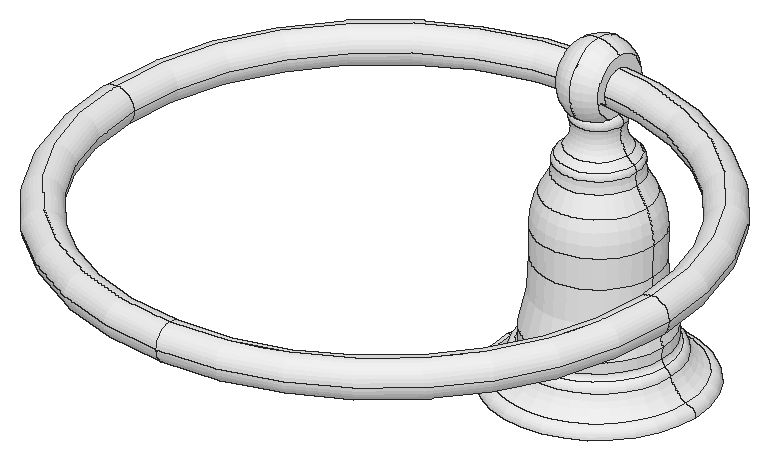
Revit family "Bathroom_Accessory-Towel_Ring-Kohler-Kelston-13507", category Specialty Equipment, host Face, Revit 2020
Family settings
  Host = Face
  Round Connector Dimension = Use Diameter
  Part Type = Normal
  OmniClass Number = 23.40.20.21.27
  OmniClass Title = Towel Bars
  Cut with Voids When Loaded = No
  Shared = No
  Room Calculation Point = No
Parameters (values of type "Chrome-Polished_Chrome-CP")
  Width = 0' - 7.18672"
  URL = "http://www.us.kohler.com"
  Product data url = "https://bimobject.com/kohler/product/kohler-k-13507"
  Product Page URL = "http://www.us.kohler.com/onlinecatalog/detail.jsp?prod_num=13507"
  Product Documentation Link = "http://www.us.kohler.com/onlinecatalog/pdf/1116341_4.pdf"
  Model = "K-13507"  # constant formula
  Manufacturer = "Kohler"  # constant formula
  Length = 0' - 3 7/8"
  Height = 0' - 8.18783"
  Finish = Chrome-Kohler-CP-Polished_Chrome
  Description = "Kelston(TM) towel ring"  # constant formula
  Default Elevation = 0' - 0"
  Created By = "http://medialab3dstudio.com/"
  Assembly Code = "C1030200"
Reference planes (in)
  plane 1 "Center (Front/Back)": y = 0
  plane 2 "Back": z = 0
  plane 3 "Center (Left/Right)": x = 0
  plane 4: y = -3.37514
  plane 5 "Top": y = 1.21847
  plane 6 "Bottom": y = -6.96936
  plane 7 "Right": x = 3.59336
  plane 8 "Left": x = -3.59336
  plane 9: z = 3.875
  plane 10: x = -3.37473
  plane 11: x = 3.3742
  plane 12: z = 3.61845
  plane 13: z = 3.18183
  plane 14: x = 0.27019
  plane 15: x = -0.27262
  plane 16: z = 3.09651
  plane 17: z = 0.1245
  plane 18: z = 0.34815
  plane 19: z = 0.44202
  plane 20: z = 0.64088
  plane 21: z = 1.40042
  plane 22: z = 2.13881
  plane 23: z = 2.35256
  plane 24: z = 2.57103
  plane 25: z = 2.65446
  plane 26: z = 3.61858
  plane 27: z = 3.17837
  plane 28: z = 3.09651
  plane 29: z = 0.1245
  plane 30: z = 0.34815
  plane 31: z = 0.44202
  plane 32: z = 0.64088
  plane 33: z = 1.40042
  plane 34: z = 2.13881
  plane 35: z = 2.35256
  plane 36: z = 2.57103
  plane 37: z = 2.65446
  plane 38: z = 2.97591
Forms (in)
  Sweep 1, solid, material "Chrome-Kohler-CP-Polished_Chrome" <- "Finish"
    path origin (0, -3.37514, 0) x (1, 0, 0) y (0, 1, 0)
      loop
        arc (-3.59311, 0) -> (-2.54071, -2.54071) -> (0, -3.59311) r 3.59311
        arc (0, -3.59311) -> (2.54071, -2.54071) -> (3.59311, 0) r 3.59311
        arc (3.59311, 0) -> (2.54071, 2.54071) -> (0, 3.59311) r 3.59311
        arc (0, 3.59311) -> (-2.54071, 2.54071) -> (-3.59311, 0) r 3.59311
    profile origin (-2.54071, -0.83443, 0) x (-0.707107, 0.707107, 0) y (0, 0, 1)
      loop
        arc (-0.4375, 3.39995) -> (-0.37343, 3.24527) -> (-0.21875, 3.1812) r 0.21875
        arc (-0.21875, 3.1812) -> (-0.06407, 3.24527) -> (0, 3.39995) r 0.21875
        arc (0, 3.39995) -> (-0.06407, 3.55463) -> (-0.21875, 3.6187) r 0.21875
        arc (-0.21875, 3.6187) -> (-0.37343, 3.55463) -> (-0.4375, 3.39995) r 0.21875
Lines and regions (in)
  Masking region 1, detail levels coarse
    outline origin (0, 0, 0) x (1, 0, 0) y (0, 1, 0)
      loop
        line (-3.59336, 1.21847) -> (-3.59336, -6.96936) -> (3.59336, -6.96936) -> (3.59336, 1.21847) -> (-3.59336, 1.21847)
  Masking region 2, detail levels medium+fine
    outline origin (0, 0, 0) x (1, 0, 0) y (0, 1, 0)
      loop
        arc (-1.21847, 0) -> (-3.53754, -3.99664) -> (0, -6.96936) r 3.59119
        arc (0, -6.96936) -> (3.53754, -3.99664) -> (1.21847, 0) r 3.59119
        arc (1.21847, 0) -> (0, 1.21847) -> (-1.21847, 0) r 1.21847
      loop
        arc (-1.13913, -0.43251) -> (-3.10212, -3.95492) -> (0, -6.53127) r 3.15576
        arc (0, -6.53127) -> (3.10212, -3.95492) -> (1.13913, -0.43251) r 3.15576
        arc (1.13913, -0.43251) -> (0, -1.21847) -> (-1.13913, -0.43251) r 1.21847
  Masking region 3, detail levels coarse
    outline origin (0, 0, 0) x (1, 0, 0) y (0, 0, 1)
      loop
        line (-3.59336, 3.875) -> (-3.59336, 0) -> (3.59336, 0) -> (3.59336, 3.875) -> (-3.59336, 3.875)
  Masking region 4, detail levels medium+fine
    outline origin (0, 0, 0) x (1, 0, 0) y (0, 0, 1)
      loop
        line (-1.21847, 0) -> (1.21847, 0)
        arc (1.21847, 0) -> (1.1842, 0.08442) -> (1.10238, 0.1245) r 0.12769
        arc (1.10238, 0.1245) -> (0.98177, 0.21839) -> (0.901, 0.34815) r 0.4358
        arc (0.901, 0.34815) -> (0.87901, 0.40388) -> (0.8328, 0.44202) r 0.11991
        arc (0.8328, 0.44202) -> (0.80886, 0.47615) -> (0.8009, 0.51707) r 0.10007
        line (0.8009, 0.51707) -> (0.8031, 0.64088)
        arc (0.8031, 0.64088) -> (0.7072, 1.01491) -> (0.68536, 1.40042) r 1.98943
        line (0.68536, 1.40042) -> (0.69, 1.75014)
        arc (0.69, 1.75014) -> (0.66874, 1.94982) -> (0.60087, 2.13881) r 0.84336
        line (0.60087, 2.13881) -> (0.4798, 2.35256)
        arc (0.4798, 2.35256) -> (0.46843, 2.42376) -> (0.46978, 2.49585) r 0.40715
        arc (0.46978, 2.49585) -> (0.4643, 2.53703) -> (0.44044, 2.57103) r 0.08744
        line (0.44044, 2.57103) -> (0.35943, 2.65446)
        arc (0.35943, 2.65446) -> (0.28425, 2.80679) -> (0.30012, 2.97591) r 0.31166
        arc (0.30012, 2.97591) -> (0.29622, 3.05011) -> (0.23818, 3.09651) r 0.09071
        line (0.23818, 3.09651) -> (0.27019, 3.09651) -> (0.27019, 3.18183) -> (3.3742, 3.18183)
        arc (3.3742, 3.18183) -> (3.5925, 3.40014) -> (3.3742, 3.61845) r 0.21831
        line (3.3742, 3.61845) -> (0.27019, 3.61845) -> (0.27019, 3.73555)
        arc (0.27019, 3.73555) -> (-0.00187, 3.85963) -> (-0.27262, 3.73269) r 0.35621
        line (-0.27262, 3.73269) -> (-0.27262, 3.61845) -> (-3.37473, 3.61845)
        arc (-3.37473, 3.61845) -> (-3.59304, 3.40014) -> (-3.37473, 3.18183) r 0.21831
        line (-3.37473, 3.18183) -> (-0.27262, 3.18183) -> (-0.27262, 3.09651) -> (-0.23818, 3.09651)
        arc (-0.23818, 3.09651) -> (-0.29622, 3.05011) -> (-0.30012, 2.97591) r 0.09071
        arc (-0.30012, 2.97591) -> (-0.28425, 2.80679) -> (-0.35943, 2.65446) r 0.31166
        line (-0.35943, 2.65446) -> (-0.44044, 2.57103)
        arc (-0.44044, 2.57103) -> (-0.4643, 2.53703) -> (-0.46978, 2.49585) r 0.08744
        arc (-0.46978, 2.49585) -> (-0.46843, 2.42376) -> (-0.4798, 2.35256) r 0.40715
        line (-0.4798, 2.35256) -> (-0.60087, 2.13881)
        arc (-0.60087, 2.13881) -> (-0.66874, 1.94982) -> (-0.69, 1.75014) r 0.84336
        line (-0.69, 1.75014) -> (-0.68536, 1.40042)
        arc (-0.68536, 1.40042) -> (-0.7072, 1.01491) -> (-0.8031, 0.64088) r 1.98943
        line (-0.8031, 0.64088) -> (-0.8009, 0.51707)
        arc (-0.8009, 0.51707) -> (-0.80886, 0.47615) -> (-0.8328, 0.44202) r 0.10007
        arc (-0.8328, 0.44202) -> (-0.87901, 0.40388) -> (-0.901, 0.34815) r 0.11991
        arc (-0.901, 0.34815) -> (-0.98177, 0.21839) -> (-1.10238, 0.1245) r 0.4358
        arc (-1.10238, 0.1245) -> (-1.1842, 0.08442) -> (-1.21847, 0) r 0.12769
  Masking region 5, detail levels coarse
    outline origin (0, 0, 0) x (0, 1, 0) y (0, 0, 1)
      loop
        line (1.21847, 3.875) -> (-6.96936, 3.875) -> (-6.96936, 0) -> (1.21847, 0) -> (1.21847, 3.875)
  Masking region 6, detail levels medium+fine
    outline origin (0, 0, 0) x (0, 1, 0) y (0, 0, 1)
      loop
        arc (1.21847, 0) -> (1.1842, 0.08442) -> (1.10238, 0.1245) r 0.12769
        arc (1.10238, 0.1245) -> (0.98177, 0.21839) -> (0.901, 0.34815) r 0.4358
        arc (0.901, 0.34815) -> (0.87901, 0.40388) -> (0.8328, 0.44202) r 0.11991
        arc (0.8328, 0.44202) -> (0.80886, 0.47615) -> (0.8009, 0.51707) r 0.10007
        line (0.8009, 0.51707) -> (0.8031, 0.64088)
        arc (0.8031, 0.64088) -> (0.7072, 1.01491) -> (0.68536, 1.40042) r 1.98943
        line (0.68536, 1.40042) -> (0.69, 1.75014)
        arc (0.69, 1.75014) -> (0.66874, 1.94982) -> (0.60087, 2.13881) r 0.84336
        line (0.60087, 2.13881) -> (0.4798, 2.35256)
        arc (0.4798, 2.35256) -> (0.46843, 2.42376) -> (0.46978, 2.49585) r 0.40715
        arc (0.46978, 2.49585) -> (0.4643, 2.53703) -> (0.44044, 2.57103) r 0.08744
        line (0.44044, 2.57103) -> (0.35943, 2.65446)
        arc (0.35943, 2.65446) -> (0.28425, 2.80679) -> (0.30012, 2.97591) r 0.31166
        arc (0.30012, 2.97591) -> (0.29622, 3.05011) -> (0.23818, 3.09651) r 0.09071
        line (0.23818, 3.09651) -> (0.34531, 3.09651)
        arc (0.34531, 3.09651) -> (0.41881, 3.58945) -> (0, 3.85963) r 0.45969
        arc (0, 3.85963) -> (-0.23538, 3.7948) -> (-0.40437, 3.61858) r 0.45969
        line (-0.40437, 3.61858) -> (-6.74926, 3.61858)
        arc (-6.74926, 3.61858) -> (-6.90489, 3.55411) -> (-6.96936, 3.39847) r 0.2201
        arc (-6.96936, 3.39847) -> (-6.90489, 3.24284) -> (-6.74926, 3.17837) r 0.2201
        line (-6.74926, 3.17837) -> (-0.40276, 3.17837)
        arc (-0.40276, 3.17837) -> (-0.37627, 3.13587) -> (-0.34531, 3.09651) r 0.45969
        line (-0.34531, 3.09651) -> (-0.23818, 3.09651)
        arc (-0.23818, 3.09651) -> (-0.29622, 3.05011) -> (-0.30012, 2.97591) r 0.09071
        arc (-0.30012, 2.97591) -> (-0.28425, 2.80679) -> (-0.35943, 2.65446) r 0.31166
        line (-0.35943, 2.65446) -> (-0.44044, 2.57103)
        arc (-0.44044, 2.57103) -> (-0.4643, 2.53703) -> (-0.46978, 2.49585) r 0.08744
        arc (-0.46978, 2.49585) -> (-0.46843, 2.42376) -> (-0.4798, 2.35256) r 0.40715
        line (-0.4798, 2.35256) -> (-0.60087, 2.13881)
        arc (-0.60087, 2.13881) -> (-0.66874, 1.94982) -> (-0.69, 1.75014) r 0.84336
        line (-0.69, 1.75014) -> (-0.68536, 1.40042)
        arc (-0.68536, 1.40042) -> (-0.7072, 1.01491) -> (-0.8031, 0.64088) r 1.98943
        line (-0.8031, 0.64088) -> (-0.8009, 0.51707)
        arc (-0.8009, 0.51707) -> (-0.80886, 0.47615) -> (-0.8328, 0.44202) r 0.10007
        arc (-0.8328, 0.44202) -> (-0.87901, 0.40388) -> (-0.901, 0.34815) r 0.11991
        arc (-0.901, 0.34815) -> (-0.98177, 0.21839) -> (-1.10238, 0.1245) r 0.4358
        arc (-1.10238, 0.1245) -> (-1.1842, 0.08442) -> (-1.21847, 0) r 0.12769
        line (-1.21847, 0) -> (1.21847, 0)
  symbolic lines, detail levels fine
    curve 1: arc (-1.1016, 0.04132, 0) -> (-0.0003, 1.10238, 0) -> (1.10158, 0.04191, 0) r 1.10238
    curve 2: arc (1.03017, -0.3924, 0) -> (-0.00015, -1.10238, 0) -> (-1.03028, -0.39212, 0) r 1.10238
    curve 3: arc (0.62481, -0.28167, 0) -> (-0.00038, -0.68536, 0) -> (-0.62512, -0.28097, 0) r 0.68536
    curve 4: arc (-0.66749, 0.15552, 0) -> (-0.00055, 0.68536, 0) -> (0.66724, 0.15658, 0) r 0.68536
    curve 5: arc (-0.4798, 0, 0) -> (0, 0.4798, 0) -> (0.4798, 0, 0) r 0.4798
    curve 6: arc (0.4798, 0, 0) -> (0, -0.4798, 0) -> (-0.4798, 0, 0) r 0.4798
    curve 7: arc (-1.1016, 0.04132, 0) -> (-0.77434, 0.13294, 0) -> (-0.43967, 0.19209, 0) r 3.46808
    curve 8: arc (-1.03028, -0.39212, 0) -> (-0.72499, -0.30287, 0) -> (-0.41209, -0.24575, 0) r 3.06301
    curve 9: arc (1.03017, -0.3924, 0) -> (0.7247, -0.30355, 0) -> (0.41176, -0.2463, 0) r 3.11638
    curve 10: arc (1.21847, 0, 0) -> (0.83482, 0.11974, 0) -> (0.43954, 0.19239, 0) r 3.32977
    curve 11: line (0.23818, 0, 3.09651) -> (-0.23818, 0, 3.09651)
    curve 12: line (0.27019, 1.21847, 3.63381) -> (0.27019, 1.21847, 3.1972)
    curve 13: line (-0.27262, 1.21847, 3.63381) -> (-0.27262, 1.21847, 3.1972)
    curve 14: line (0, 0.23818, 3.09651) -> (0, -0.23818, 3.09651)
    curve 15: line (0, -0.40437, 3.63394) -> (0, 0, 3.63394)
    curve 16: line (0, -0.4057, 3.17837) -> (0, 0, 3.17837)
    curve 17: arc (0, 0, 3.17837) -> (0, 0.22778, 3.40616) -> (0, 0, 3.63394) r 0.22778
    curve 18: line (-0.27262, -6.96936, 3.63381) -> (0.27019, -6.96936, 3.63381)
    curve 19: line (-0.27262, -6.96936, 3.1972) -> (0.27019, -6.96936, 3.1972)
Dimensions and locks (in)
  locked: plane 1 "Center (Front/Back)" to plane 4 at 3.37514
  equal spacing: plane 8 "Left", plane 3 "Center (Left/Right)", plane 7 "Right"
  "Width": plane 8 "Left" to plane 7 "Right"
  "Height": plane 6 "Bottom" to plane 5 "Top"
  "Length": plane 9 to plane 2 "Back"
  plane 10 to plane 15 to plane 3 "Center (Left/Right)" to plane 14 to plane 11 = 0' - 3.10212" locked, 0' - 0.27262" locked, 0' - 0.27019" locked, 0' - 3.104" locked
  plane 12 to plane 13 to plane 16 to plane 25 to plane 24 to plane 23 to plane 22 to plane 21 to plane 20 to plane 19 to plane 18 to plane 17 to plane 2 "Back" = 0' - 0.43661" locked, 0' - 0.08533" locked, 0' - 0.44204" locked, 0' - 0.08344" locked, 0' - 0.21846" locked, 0' - 0.21375" locked, 0' - 0.73839" locked, 0' - 0.75954" locked, 0' - 0.19886" locked, 0' - 0.09387" locked, 0' - 0.22365" locked, 0' - 0.1245" locked
  plane 26 to plane 27 to plane 28 to plane 38 to plane 37 to plane 36 to plane 35 to plane 34 to plane 33 to plane 32 to plane 31 to plane 30 to plane 29 to plane 2 "Back" = 0' - 0.4402" locked, 0' - 0.08186" locked, 0' - 0.1206" locked, 0' - 0.32145" locked, 0' - 0.08344" locked, 0' - 0.21846" locked, 0' - 0.21375" locked, 0' - 0.73839" locked, 0' - 0.75954" locked, 0' - 0.19886" locked, 0' - 0.09387" locked, 0' - 0.22365" locked, 0' - 0.1245" locked
  radius of curve 7 = 0' - 3.46808"
  radius of curve 8 = 0' - 3.06301"
  radius of curve 9 = 0' - 3.11638"
  radius of curve 10 = 0' - 3.32977"
  radius of Masking region 4 sketch curve = 0' - 0.21831"
  aligned and locked: plane 2 "Back" to host face
  aligned and locked: level to host face
  aligned and locked: plane 3 "Center (Left/Right)" to nested 1
  aligned and locked: plane 1 "Center (Front/Back)" to nested 1
  aligned: profile plane to Sweep 1 sketch curve
  aligned and locked: plane 3 "Center (Left/Right)" to Sweep 1 sketch curve  (x2)
  aligned and locked: plane 4 to Sweep 1 sketch curve  (x2)
  aligned and locked: plane 5 "Top" to nested 1
  aligned: plane 9 to nested 1
  aligned and locked: plane 5 "Top" to Masking region 1 sketch curve
  aligned and locked: plane 7 "Right" to Masking region 1 sketch curve
  aligned and locked: Masking region 1 sketch curve to plane 6 "Bottom"
  aligned and locked: Masking region 1 sketch curve to plane 8 "Left"
  aligned and locked: Masking region 2 sketch curve to nested 1  (x2)
  aligned and locked: plane 3 "Center (Left/Right)" to Masking region 2 sketch curve  (x2)
  aligned and locked: curve 2 to nested 1
  aligned and locked: curve 3 to nested 1
  aligned and locked: curve 4 to nested 1
  aligned and locked: curve 5 to nested 1
  aligned and locked: curve 6 to nested 1
  aligned and locked: plane 9 to Masking region 3 sketch curve
  aligned and locked: plane 7 "Right" to Masking region 3 sketch curve
  aligned and locked: plane 2 "Back" to Masking region 3 sketch curve
  aligned and locked: Masking region 3 sketch curve to plane 8 "Left"
  aligned and locked: plane 10 to Masking region 4
  aligned and locked: plane 11 to Masking region 4
  aligned and locked: plane 12 to Masking region 4 sketch curve
  aligned and locked: plane 13 to Masking region 4 sketch curve
  aligned and locked: Masking region 4 sketch curve to plane 2 "Back"
  aligned and locked: plane 14 to Masking region 4 sketch curve  (x2)
  aligned and locked: Masking region 4 sketch curve to plane 15
  aligned and locked: plane 15 to Masking region 4 sketch curve
  aligned and locked: plane 16 to Masking region 4 sketch curve  (x3)
  aligned and locked: plane 17 to nested 1
  aligned and locked: plane 17 to Masking region 4 sketch curve  (x2)
  aligned and locked: plane 18 to Masking region 4 sketch curve  (x2)
  aligned and locked: plane 19 to Masking region 4 sketch curve  (x2)
  aligned and locked: plane 20 to Masking region 4 sketch curve  (x2)
  aligned and locked: plane 21 to Masking region 4 sketch curve  (x2)
  aligned and locked: plane 22 to Masking region 4 sketch curve  (x2)
  aligned and locked: plane 23 to Masking region 4 sketch curve  (x2)
  aligned and locked: plane 24 to Masking region 4 sketch curve  (x2)
  aligned and locked: plane 25 to Masking region 4 sketch curve  (x2)
  aligned and locked: nested 1 to curve 11
  aligned and locked: plane 9 to Masking region 5 sketch curve
  aligned and locked: Masking region 5 sketch curve to plane 6 "Bottom"
  aligned and locked: plane 2 "Back" to Masking region 5 sketch curve
  aligned and locked: plane 5 "Top" to Masking region 5 sketch curve
  aligned and locked: Masking region 6 sketch curve to nested 1  (x3)
  aligned and locked: nested 1 to Masking region 6 sketch curve  (x2)
  aligned and locked: plane 6 "Bottom" to Masking region 6 sketch curve
  aligned and locked: plane 26 to Masking region 6 sketch curve
  aligned and locked: plane 27 to Masking region 6 sketch curve
  aligned and locked: plane 28 to nested 1
  aligned and locked: plane 29 to nested 1
  aligned and locked: plane 30 to nested 1
  aligned and locked: plane 31 to nested 1
  aligned and locked: plane 32 to nested 1
  aligned and locked: plane 33 to nested 1
  aligned and locked: plane 34 to nested 1
  aligned and locked: plane 35 to nested 1
  aligned and locked: plane 36 to nested 1
  aligned and locked: plane 37 to nested 1
  aligned and locked: plane 38 to Masking region 6 sketch curve  (x2)
  aligned and locked: plane 37 to Masking region 6 sketch curve  (x2)
  aligned and locked: plane 36 to Masking region 6 sketch curve  (x2)
  aligned and locked: plane 35 to Masking region 6 sketch curve  (x2)
  aligned and locked: plane 34 to Masking region 6 sketch curve  (x2)
  aligned and locked: plane 33 to Masking region 6 sketch curve  (x2)
  aligned and locked: plane 32 to Masking region 6 sketch curve  (x2)
  aligned and locked: plane 31 to Masking region 6 sketch curve  (x2)
  aligned and locked: plane 30 to Masking region 6 sketch curve  (x2)
  aligned and locked: plane 29 to Masking region 6 sketch curve  (x2)
  aligned and locked: nested 1 to curve 14
Automatic sketch dimensions
  host sketch curve to host sketch curve = 8' - 0"  (x2)
  Sweep 1 sketch curve to plane 8 "Left" = 0' - 0.00025"
  Sweep 1 sketch curve to Sweep 1 sketch curve = 0' - 0"  (x12)
  Sweep 1 sketch curve to profile plane = 0' - 0"
  profile plane to Sweep 1 sketch curve = 0' - 0 7/32"
  level to Sweep 1 sketch curve = 0' - 3.1812"
  Masking region 2 sketch curve to Masking region 2 sketch curve = 0' - 0"
  plane 6 "Bottom" to Masking region 2 sketch curve = 0' - 0"
  plane 1 "Center (Front/Back)" to Masking region 2 sketch curve = 0' - 0.43251"
  Masking region 2 sketch curve to plane 6 "Bottom" = 0' - 0.43809"
  plane 10 to Masking region 4 sketch curve = 0' - 0"
  Masking region 4 sketch curve to plane 3 "Center (Left/Right)" = 0' - 0"
  plane 11 to Masking region 4 sketch curve = 0' - 0"
  Masking region 4 sketch curve to plane 13 = 0' - 0"
  Masking region 4 sketch curve to plane 12 = 0' - 0"
  plane 21 to Masking region 4 sketch curve = 0' - 0.08076"  (x2)
  Masking region 4 sketch curve to plane 10 = 0' - 0.70158"
  Masking region 4 sketch curve to plane 19 = 0' - 0.06797"  (x2)
  plane 15 to Masking region 4 sketch curve = 0' - 1.03302"
  Masking region 4 sketch curve to Masking region 4 sketch curve = 0' - 0.08716"
  Masking region 4 sketch curve to Masking region 4 sketch curve = 0' - 0.11609"
  Masking region 4 sketch curve to level = 0' - 0.00267"  (x2)
  Masking region 4 sketch curve to Masking region 4 sketch curve = 0' - 0.00004"
  Masking region 4 sketch curve to plane 23 = 0' - 0.0996"
  plane 15 to Masking region 4 sketch curve = 0' - 0.60196"
  Masking region 4 sketch curve to Masking region 4 sketch curve = 0' - 0.06816"
  Masking region 4 sketch curve to Masking region 4 sketch curve = 0' - 0.09786"
  Masking region 4 sketch curve to plane 19 = 0' - 0.07505"  (x2)
  Masking region 4 sketch curve to Masking region 4 sketch curve = 0' - 0.0319"  (x2)
  plane 18 to Masking region 4 sketch curve = 0' - 0.01475"  (x2)
  Masking region 4 sketch curve to Masking region 4 sketch curve = 0' - 0.00464"  (x2)
  Masking region 4 sketch curve to Masking region 4 sketch curve = 0' - 0.08913"
  plane 15 to Masking region 4 sketch curve = 0' - 0.31812"
  plane 15 to Masking region 4 sketch curve = 0' - 0.20719"
  plane 24 to Masking region 4 sketch curve = 0' - 0.07518"  (x2)
  Masking region 4 sketch curve to Masking region 4 sketch curve = 0' - 0.01002"  (x2)
  Masking region 4 sketch curve to Masking region 4 sketch curve = 0' - 0.02934"  (x2)
  plane 15 to Masking region 4 sketch curve = 0' - 0.08682"
  plane 15 to Masking region 4 sketch curve = 0' - 0.0275"
  Masking region 4 sketch curve to Masking region 4 sketch curve = 0' - 0"  (x3)
  Masking region 4 sketch curve to plane 15 = 0' - 0.03444"
  Masking region 4 sketch curve to plane 15 = 0' - 0.05708"
  Masking region 4 sketch curve to plane 15 = 0' - 0.11933"
  plane 14 to Masking region 4 sketch curve = 0' - 0.11691"
  plane 14 to Masking region 4 sketch curve = 0' - 0.05466"
  Masking region 4 sketch curve to Masking region 4 sketch curve = 0' - 0.03201"
  Masking region 4 sketch curve to plane 14 = 0' - 0.02993"
  Masking region 4 sketch curve to plane 14 = 0' - 0.08924"
  Masking region 4 sketch curve to plane 14 = 0' - 0.11266"
  Masking region 4 sketch curve to Masking region 4 sketch curve = 0' - 0.05759"
  Masking region 4 sketch curve to plane 25 = 0' - 0.20888"
  Masking region 4 sketch curve to Masking region 4 sketch curve = 0' - 0.12107"
  Masking region 4 sketch curve to plane 14 = 0' - 0.41517"
  Masking region 4 sketch curve to plane 21 = 0' - 0.34972"  (x2)
  Masking region 4 sketch curve to plane 14 = 0' - 0.51181"
  Masking region 4 sketch curve to Masking region 4 sketch curve = 0' - 0.0189"
  Masking region 4 sketch curve to Masking region 4 sketch curve = 0' - 0.0022"
  Masking region 4 sketch curve to plane 19 = 0' - 0.07327"
  Masking region 4 sketch curve to Masking region 4 sketch curve = 0' - 0.18981"
  Masking region 4 sketch curve to Masking region 4 sketch curve = 0' - 0.01156"
  plane 12 to Masking region 4 sketch curve = 0' - 0.11502"
  Masking region 4 sketch curve to Masking region 4 sketch curve = 0' - 0.11425"
  Masking region 6 sketch curve to level = 0' - 0"
  Masking region 6 sketch curve to plane 5 "Top" = 0' - 0"
  Masking region 6 sketch curve to Masking region 6 sketch curve = 0' - 0 3/128"  (x2)
  Masking region 6 sketch curve to Masking region 6 sketch curve = 0' - 0.05759"  (x2)
  Masking region 6 sketch curve to Masking region 6 sketch curve = 0' - 0.02934"  (x2)
  Masking region 6 sketch curve to Masking region 6 sketch curve = 0' - 0"  (x6)
  Masking region 6 sketch curve to Masking region 6 sketch curve = 0' - 0.01002"  (x2)
  Masking region 6 sketch curve to Masking region 6 sketch curve = 0' - 0.23131"
  Masking region 6 sketch curve to Masking region 6 sketch curve = 0' - 0.12107"  (x2)
  Masking region 6 sketch curve to Masking region 6 sketch curve = 0' - 0.00464"  (x2)
  plane 1 "Center (Front/Back)" to Masking region 6 sketch curve = 0' - 0.782"
  level to Masking region 6 sketch curve = 0' - 0.51707"
  Masking region 6 sketch curve to Masking region 6 sketch curve = 0' - 0.0189"  (x2)
  Masking region 6 sketch curve to Masking region 6 sketch curve = 0' - 0.0022"  (x2)
  Masking region 6 sketch curve to Masking region 6 sketch curve = 0' - 0.0319"  (x2)
  Masking region 6 sketch curve to Masking region 6 sketch curve = 0' - 0.10006"
  Masking region 6 sketch curve to level = 0' - 0.00267"  (x2)
  Masking region 6 sketch curve to Masking region 6 sketch curve = 0' - 0.18981"
  Masking region 6 sketch curve to Masking region 6 sketch curve = 0' - 0.01156"
  Masking region 6 sketch curve to Masking region 6 sketch curve = 0' - 0.40467"
  Masking region 6 sketch curve to Masking region 6 sketch curve = 0' - 0.04519"
  Masking region 6 sketch curve to Masking region 6 sketch curve = 0' - 0.10713"
  Masking region 6 sketch curve to Masking region 6 sketch curve = 0' - 0.08459"  (x2)
  plane 1 "Center (Front/Back)" to Masking region 6 sketch curve = 0' - 0.15328"
  Masking region 6 sketch curve to plane 1 "Center (Front/Back)" = 0' - 0.15328"
  Masking region 6 sketch curve to Masking region 6 sketch curve = 0' - 0.12978"
  Masking region 6 sketch curve to Masking region 6 sketch curve = 0' - 0.02265"
  Masking region 6 sketch curve to Masking region 6 sketch curve = 0' - 0.05931"
  plane 5 "Top" to Masking region 6 sketch curve = 0' - 0.43647"
  Masking region 6 sketch curve to Masking region 6 sketch curve = 0' - 0.06816"
  plane 5 "Top" to Masking region 6 sketch curve = 0' - 0.11609"
  Masking region 6 sketch curve to plane 5 "Top" = 0' - 0.08716"
  Masking region 6 sketch curve to Masking region 6 sketch curve = 0' - 0.01475"  (x2)
  Masking region 6 sketch curve to Masking region 6 sketch curve = 0' - 0.07327"
  level to Masking region 6 sketch curve = 0' - 1.31966"  (x2)
  Masking region 6 sketch curve to Masking region 6 sketch curve = 0' - 0.34972"  (x2)
  Masking region 6 sketch curve to Masking region 6 sketch curve = 0' - 0.01118"
  Masking region 6 sketch curve to Masking region 6 sketch curve = 0' - 0.0996"  (x2)
  curve 1 to curve 2 = 0' - 0"  (x2)
  plane 1 "Center (Front/Back)" to curve 10 = 0' - 0"
  plane 1 "Center (Front/Back)" to curve 3 = 0' - 0.28097"
  curve 4 to plane 1 "Center (Front/Back)" = 0' - 0.15552"
  plane 1 "Center (Front/Back)" to curve 2 = 0' - 0.39212"
  curve 7 to plane 1 "Center (Front/Back)" = 0' - 0.04132"
  curve 7 to curve 2 = 0' - 0.07132"
  plane 3 "Center (Left/Right)" to curve 9 = 0' - 0.0082"
  plane 3 "Center (Left/Right)" to curve 10 = 0' - 0.03637"
  curve 9 to curve 6 = 0' - 0.06804"
  curve 10 to plane 1 "Center (Front/Back)" = 0' - 0.19239"
  curve 15 to plane 1 "Center (Front/Back)" = 0' - 0"
  plane 1 "Center (Front/Back)" to curve 14 = 0' - 0.23818"
  curve 16 to curve 14 = 0' - 0.16752"
  curve 14 to plane 1 "Center (Front/Back)" = 0' - 0.23818"
  plane 9 to curve 15 = 0' - 0.24106"
  curve 15 to curve 15 = 0' - 0.40437"
  curve 14 to curve 17 = 0' - 0.08186"
  curve 13 to plane 3 "Center (Left/Right)" = 0' - 0.27262"
  plane 9 to curve 13 = 0' - 0.6778"
  plane 9 to curve 13 = 0' - 0.24119"
  plane 3 "Center (Left/Right)" to curve 12 = 0' - 0.27019"
  curve 12 to curve 13 = 0' - 0"
  plane 9 to curve 12 = 0' - 0.24119"
  plane 3 "Center (Left/Right)" to curve 11 = 0' - 0.23818"
  curve 11 to plane 3 "Center (Left/Right)" = 0' - 0.23818"
  curve 19 to plane 3 "Center (Left/Right)" = 0' - 0.27262"
  curve 18 to plane 3 "Center (Left/Right)" = 0' - 0.27262"
  plane 3 "Center (Left/Right)" to curve 19 = 0' - 0.27019"
  plane 3 "Center (Left/Right)" to curve 18 = 0' - 0.27019"
  plane 9 to curve 19 = 0' - 0.6778"
  plane 9 to curve 18 = 0' - 0.24119"
Nested families (in)
  nested 1: "wall_mount-base" at (0, 0, 0), type "wall_mount-base"
Definition of nested family "wall_mount-base"
  Parameters
    Width = 0' - 2.43694"
    Length = 0' - 2.43694"
    Height = 0' - 3.85963"
    Finish = none
    Default Elevation = 4' - 0"
    Assembly Code = ""
  Reference planes (in)
    plane 1 "Center (Front/Back)": y = 0
    plane 2 "Bottom": z = 0
    plane 3 "Center (Left/Right)": x = 0
    plane 4 "Left": x = -1.21847
    plane 5: z = 2.84819
    plane 6: z = 4.0788
    plane 7: z = 3.09651
    plane 8: x = -0.45065
    plane 9: x = 0.41041
    plane 10: x = -0.26358
    plane 11: z = 3.39995
    plane 12 "Right": x = 1.21847
    plane 13 "Top": z = 3.85963
    plane 14: y = 1.21847
    plane 15: y = -1.21847
  Forms (in)
    Extrusion 1, solid
      sketch origin (0, 0, 0) x (1, 0, 0) y (0, 1, 0)
        loop
          line (-48, 48) -> (-48, -48) -> (48, -48) -> (48, 48) -> (-48, 48)
      from 0 to -12
    Sweep 2, solid, material <- "Finish"
      path origin (0, 0, 0) x (1, 0, 0) y (0, 1, 0)
        loop
          circle (0, 0) r 1.20313
      profile origin (0, 1.20312, 0) x (0, -1, 0) y (0, 0, 1)
        loop
          line (1.18965, 0) -> (1.18965, 3.09651) -> (0.96495, 3.09651)
          arc (0.96495, 3.09651) -> (0.9069, 3.05011) -> (0.90301, 2.97591) r 0.09071
          arc (0.90301, 2.97591) -> (0.91887, 2.80679) -> (0.84369, 2.65446) r 0.31166
          line (0.84369, 2.65446) -> (0.76269, 2.57103)
          arc (0.76269, 2.57103) -> (0.73882, 2.53703) -> (0.73334, 2.49585) r 0.08744
          arc (0.73334, 2.49585) -> (0.7347, 2.42376) -> (0.72332, 2.35256) r 0.40715
          line (0.72332, 2.35256) -> (0.60225, 2.13881)
          arc (0.60225, 2.13881) -> (0.53439, 1.94982) -> (0.51313, 1.75014) r 0.84336
          line (0.51313, 1.75014) -> (0.51776, 1.40042)
          arc (0.51776, 1.40042) -> (0.49592, 1.01491) -> (0.40002, 0.64088) r 1.98943
          line (0.40002, 0.64088) -> (0.40222, 0.51707)
          arc (0.40222, 0.51707) -> (0.39427, 0.47615) -> (0.37033, 0.44202) r 0.10007
          arc (0.37033, 0.44202) -> (0.32412, 0.40388) -> (0.30213, 0.34815) r 0.11991
          arc (0.30213, 0.34815) -> (0.22136, 0.21839) -> (0.10075, 0.1245) r 0.4358
          arc (0.10075, 0.1245) -> (0.01893, 0.08442) -> (-0.01535, 0) r 0.12769
          line (-0.01535, 0) -> (1.18965, 0)
    Revolve 3, solid, material <- "Finish"
      sketch origin (-2.01186, 0, -7.90366) x (0, 0, 1) y (1, 0, 0)
        loop
          line (11.3036, 2.4001) -> (11.3036, 1.62363)
          arc (11.3036, 1.62363) -> (11.45136, 1.6418) -> (11.5875, 1.70204) r 0.50782
          arc (11.5875, 1.70204) -> (11.71421, 1.83493) -> (11.76329, 2.01186) r 0.37774
          arc (11.76329, 2.01186) -> (11.71421, 2.1888) -> (11.5875, 2.32169) r 0.37774
          arc (11.5875, 2.32169) -> (11.45136, 2.38193) -> (11.3036, 2.4001) r 0.50782
        axis (11.3036, 2.4001) -> (11.3036, 1.62363)
      angle from 0 to 360
    Extrusion 4, void
      sketch origin (-3.09651, 0, -5.60005) x (0, 0, 1) y (-1, 0, 0)
        loop
          line (8.69656, -3.09651) -> (8.69656, -2.83293) -> (9.67885, -2.83293) -> (9.67885, -2.64586) -> (8.44825, -2.64586) -> (8.44825, -3.09651) -> (8.44825, -3.54716) -> (9.67885, -3.54716) -> (9.67885, -3.36009) -> (8.69656, -3.36009) -> (8.69656, -3.09651)
      from -1.21847 to 1.21847
  Cuts and joins
    Extrusion 4 cuts Revolve 3
    joined: Sweep 2, Revolve 3
  Dimensions and locks (in)
    locked: plane 11 to plane 2 "Bottom" at 3.39995
    plane 9 to plane 3 "Center (Left/Right)" to plane 10 to plane 8 = 0' - 0.41041" locked, 0' - 0.26358" locked, 0' - 0.18707" locked
    plane 6 to plane 13 "Top" to plane 7 to plane 5 = 0' - 0.21916" locked, 0' - 0.76312" locked, 0' - 0.24831" locked
    equal spacing: plane 4 "Left", plane 3 "Center (Left/Right)", plane 12 "Right"
    "Width": plane 4 "Left" to plane 12 "Right"
    "Height": plane 13 "Top" to plane 2 "Bottom"
    equal spacing: plane 15, plane 1 "Center (Front/Back)", plane 14
    "Length": plane 15 to plane 14
    aligned and locked: plane 2 "Bottom" to Extrusion 1
    aligned and locked: level to Extrusion 1
    aligned and locked: plane 1 "Center (Front/Back)" to Sweep 2
    aligned and locked: Revolve 3 sketch curve to Revolve 3 sketch curve
    aligned and locked: Extrusion 4 sketch curve to plane 5
    aligned and locked: Extrusion 4 sketch curve to plane 7
    aligned and locked: plane 6 to Extrusion 4 sketch curve
    aligned and locked: Extrusion 4 sketch curve to plane 8
    aligned and locked: plane 10 to Extrusion 4 sketch curve
    aligned and locked: plane 11 to Revolve 3 sketch curve
    aligned and locked: Extrusion 4 to plane 14
    aligned and locked: plane 15 to Extrusion 4
  Automatic sketch dimensions
    Extrusion 1 sketch curve to Extrusion 1 sketch curve = 8' - 0"  (x2)
    plane 1 "Center (Front/Back)" to Sweep 2 sketch curve = 0' - 0"
    Sweep 2 sketch curve to plane 3 "Center (Left/Right)" = 0' - 0"
    Sweep 2 sketch curve to level = 0' - 0"
    profile plane to Sweep 2 sketch curve = 0' - 1.47003"
    profile plane to Sweep 2 sketch curve = 0' - 0.10251"
    profile plane to Sweep 2 sketch curve = 0' - 0.01535"
    Sweep 2 sketch curve to profile plane = 0' - 0.10075"
    Sweep 2 sketch curve to level = 0' - 0.00267"
    Sweep 2 sketch curve to profile plane = 0' - 0.11231"
    Sweep 2 sketch curve to Sweep 2 sketch curve = 0' - 0.20138"
    Sweep 2 sketch curve to Sweep 2 sketch curve = 0' - 0.00004"
    Sweep 2 sketch curve to profile plane = 0' - 0.32854"
    Sweep 2 sketch curve to Sweep 2 sketch curve = 0' - 0.06816"
    Sweep 2 sketch curve to Sweep 2 sketch curve = 0' - 0.09786"
    Sweep 2 sketch curve to Sweep 2 sketch curve = 0' - 0.0319"
    Sweep 2 sketch curve to Sweep 2 sketch curve = 0' - 0 13/256"
    Sweep 2 sketch curve to profile plane = 0' - 0.51313"
    Sweep 2 sketch curve to Sweep 2 sketch curve = 0' - 0.00464"
    Sweep 2 sketch curve to Sweep 2 sketch curve = 0' - 0.08913"
    Sweep 2 sketch curve to Sweep 2 sketch curve = 0' - 0.28384"
    Sweep 2 sketch curve to Sweep 2 sketch curve = 0' - 0.12107"
    Sweep 2 sketch curve to Sweep 2 sketch curve = 0' - 0.01002"
    Sweep 2 sketch curve to Sweep 2 sketch curve = 0' - 0"  (x2)
    Sweep 2 sketch curve to Sweep 2 sketch curve = 0' - 0.02934"
    Sweep 2 sketch curve to Sweep 2 sketch curve = 0' - 0.05759"
    Sweep 2 sketch curve to Sweep 2 sketch curve = 0' - 0.08101"
    Sweep 2 sketch curve to Sweep 2 sketch curve = 0' - 0.29062"
    Sweep 2 sketch curve to Sweep 2 sketch curve = 0' - 0.06194"
    Sweep 2 sketch curve to Sweep 2 sketch curve = 0' - 0.08459"
    Sweep 2 sketch curve to Sweep 2 sketch curve = 0' - 0.76853"
    Sweep 2 sketch curve to Sweep 2 sketch curve = 0' - 0.84328"
    level to Sweep 2 sketch curve = 0' - 0.3334"
    Sweep 2 sketch curve to Sweep 2 sketch curve = 0' - 0.01475"
    Sweep 2 sketch curve to Sweep 2 sketch curve = 0' - 0.07327"
    Sweep 2 sketch curve to Sweep 2 sketch curve = 0' - 0.12381"
    level to Sweep 2 sketch curve = 0' - 1.31966"
    Sweep 2 sketch curve to Sweep 2 sketch curve = 0' - 0.34972"
    Sweep 2 sketch curve to Sweep 2 sketch curve = 0' - 0.01118"
    Sweep 2 sketch curve to Sweep 2 sketch curve = 0' - 0.21375"
    Sweep 2 sketch curve to Sweep 2 sketch curve = 0' - 0.0996"
    Sweep 2 sketch curve to Sweep 2 sketch curve = 0' - 0.08344"
    Sweep 2 sketch curve to Sweep 2 sketch curve = 0' - 0.20888"
    Revolve 3 sketch curve to plane 3 "Center (Left/Right)" = 0' - 0"
    Revolve 3 sketch curve to plane 13 "Top" = 0' - 0"
    plane 11 to Revolve 3 sketch curve = 0' - 0.01256"  (x2)
    Revolve 3 sketch curve to plane 3 "Center (Left/Right)" = 0' - 0.00947"
    plane 11 to Revolve 3 sketch curve = 0' - 0.08207"
    plane 3 "Center (Left/Right)" to Revolve 3 sketch curve = 0' - 0.00947"
    Revolve 3 sketch curve to Revolve 3 sketch curve = 0' - 0"  (x5)
    Revolve 3 sketch curve to plane 13 "Top" = 0' - 0 45/256"
    Revolve 3 sketch curve to Revolve 3 sketch curve = 0' - 0.2839"
    Extrusion 4 sketch curve to plane 6 = 0' - 0"
    Extrusion 4 sketch curve to plane 3 "Center (Left/Right)" = 0' - 0"  (x2)
    Extrusion 4 sketch curve to plane 9 = 0' - 0.14683"
    plane 9 to Extrusion 4 sketch curve = 0' - 0.04024"
    radius of Sweep 2 sketch curve = 0' - 1 13/64"
